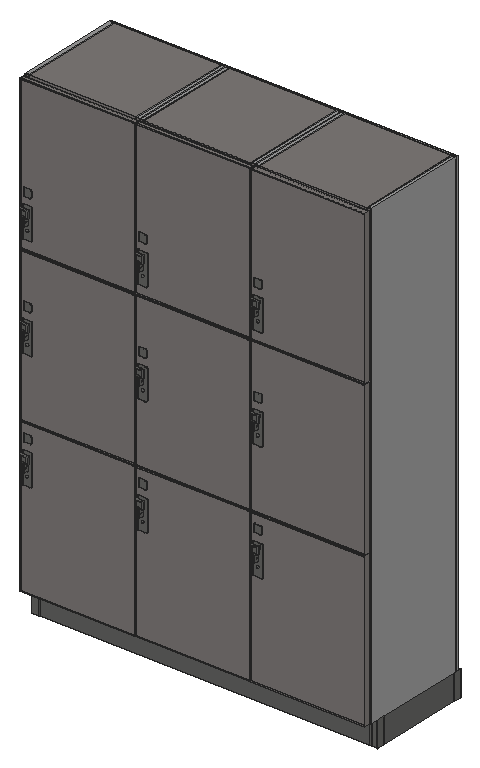
Revit family "Wood_Lockers_Hasps-Salsbury_Industries-18_43000_Series-3_Wide_Units.rfa", category Specialty Equipment, Revit 2016 (continued)
Definition of nested family "Wood Locker Sloping Hoods"
  Forms (in)
    Extrusion 3, solid, material <- "Laminate Surface", visible <- "Visible"
      sketch origin (0, 0, 0) x (0, 1, 0) y (0, 0, 1)
        loop
          line (-7.3125, 0.062) -> (-7.3125, 0) -> (-7.2815, 0) -> (-7.2815, 0.062) -> (-7.3125, 0.062)
      from -6 to 6
    Extrusion 4, solid, material <- "Laminate Surface", visible <- "Visible"
      sketch origin (0, 0, 0) x (0, 1, 0) y (0, 0, 1)
        loop
          line (7.3125, 5.743) -> (-7.3125, 0.062) -> (-7.23269, 0.062) -> (7.3125, 5.712) -> (7.3125, 5.743)
      from -6 to 6
  Dimensions and locks (in)
    equal spacing: plane 7 "Left Side of Hood", plane 3 "Center (Left/Right)", plane 6 "Right Side of Hood"
    "Width": plane 7 "Left Side of Hood" to plane 6 "Right Side of Hood"
    equal spacing: plane 4 "Front of Hood", plane 1 "Center (Front/Back)", plane 5 "Back of Hood"
    "Depth": plane 4 "Front of Hood" to plane 5 "Back of Hood"
    "Height": plane 9 "Top of Hood" to plane 8 "Bottom of Hood"
    plane 7 "Left Side of Hood" to plane 11 = 0.750"
    plane 10 to plane 6 "Right Side of Hood" = 0.750"
    plane 4 "Front of Hood" to plane 12 to plane 13 = 0.031" locked, 0.719" locked
    plane 15 to plane 14 to plane 9 "Top of Hood" = 0.719" locked, 0.031" locked
    locked: plane 16 to plane 8 "Bottom of Hood" at 0.062
    locked: plane 17 to plane 8 "Bottom of Hood" at 0.75
    aligned and locked: level to plane 2
    aligned and locked: Extrusion 2 to plane 6 "Right Side of Hood"
    aligned and locked: plane 7 "Left Side of Hood" to Extrusion 2
    aligned and locked: plane 7 "Left Side of Hood" to Extrusion 4
    aligned and locked: Extrusion 4 to plane 6 "Right Side of Hood"
    aligned and locked: Extrusion 3 to plane 6 "Right Side of Hood"
    aligned and locked: plane 7 "Left Side of Hood" to Extrusion 3
    aligned and locked: Extrusion 2 to Extrusion 1 sketch curve
    aligned and locked: plane 7 "Left Side of Hood" to Extrusion 1
    aligned and locked: Extrusion 1 to plane 6 "Right Side of Hood"
  Automatic sketch dimensions
    Extrusion 3 sketch curve to level = 0.000"
    Extrusion 3 sketch curve to plane 4 "Front of Hood" = 0.000"
    Extrusion 3 sketch curve to plane 12 = 0.000"
    plane 16 to Extrusion 3 sketch curve = 0.000"
    Extrusion 4 sketch curve to plane 4 "Front of Hood" = 0.000"
    plane 16 to Extrusion 4 sketch curve = 0.000"
    Extrusion 4 sketch curve to plane 5 "Back of Hood" = 0.000"
    plane 14 to Extrusion 4 sketch curve = 0.000"
    plane 9 "Top of Hood" to Extrusion 4 sketch curve = 0.000"
    Extrusion 4 sketch curve to plane 12 = 0.04881"
    Extrusion 2 sketch curve to level = 0.000"
    Extrusion 2 sketch curve to plane 12 = 0.000"
    plane 16 to Extrusion 2 sketch curve = 0.000"
    Extrusion 2 sketch curve to plane 5 "Back of Hood" = 0.000"
    plane 15 to Extrusion 2 sketch curve = 0.000"
    plane 14 to Extrusion 2 sketch curve = 0.000"
    Extrusion 2 sketch curve to plane 13 = 1.08977"
    Extrusion 2 sketch curve to plane 12 = 0.04881"
    Extrusion 1 sketch curve to level = 0.000"
    Extrusion 1 sketch curve to plane 1 "Center (Front/Back)" = 0.000"
    Extrusion 1 sketch curve to Extrusion 1 sketch curve = 0.24302"
Types (6): name | Unit Height including Sloping Hood Only | Unit Height including Base Only | Sloping Hood Height | Overall Unit Height including Base and Sloping Hood | Model | Flat Top In-Line Filler - Right Side | Description | Depth | Compartment Depth | Base Height | Base Depth | Base
  18-43364 | 81.118" | 76.000" | 9.118" | 85.118" | "18-43364" | Wood Locker Flat In-Line Fillers : None | "3 Wide - 6 Feet High - 24 inches Deep - with Base" | 24.000" | 22.750" | 4.000" | 22.250" | Wood Locker Bases : Base - 54" W x 24" D Lockers
  18-43364 - without Base | 81.118" | 72.000" | 9.118" | 81.118" | "18-43364 without Base" | Wood Locker Sloping In-Line Fillers : None | "3 Wide - 6 Feet High - 24 inches Deep - without Base" | 24.000" | 22.750" | 0.000" | 22.250" | Wood Locker Bases : None
  18-43368 | 78.868" | 76.000" | 6.868" | 82.868" | "18-43368" | Wood Locker Flat In-Line Fillers : None | "3 Wide - 6 Feet High - 18 inches Deep - with Base" | 18.000" | 16.750" | 4.000" | 16.250" | Wood Locker Bases : Base - 54" W x 18" D Lockers
  18-43368 - without Base | 78.868" | 72.000" | 6.868" | 78.868" | "18-43368 without Base" | Wood Locker Sloping In-Line Fillers : None | "3 Wide - 6 Feet High - 18 inches Deep - without Base" | 18.000" | 16.750" | 0.000" | 16.250" | Wood Locker Bases : None
  18-43361 | 79.993" | 76.000" | 7.993" | 83.993" | "18-43361" | Wood Locker Sloping In-Line Fillers : None | "3 Wide - 6 Feet High - 21 inches Deep - with Base" | 21.000" | 19.750" | 4.000" | 19.250" | Wood Locker Bases : Base - 54" W x 21" D Lockers
  18-43361 - without Base | 79.993" | 72.000" | 7.993" | 79.993" | "18-43361 without Base" | Wood Locker Sloping In-Line Fillers : None | "3 Wide - 6 Feet High - 21 inches Deep - without Base" | 21.000" | 19.750" | 0.000" | 19.250" | Wood Locker Bases : None
